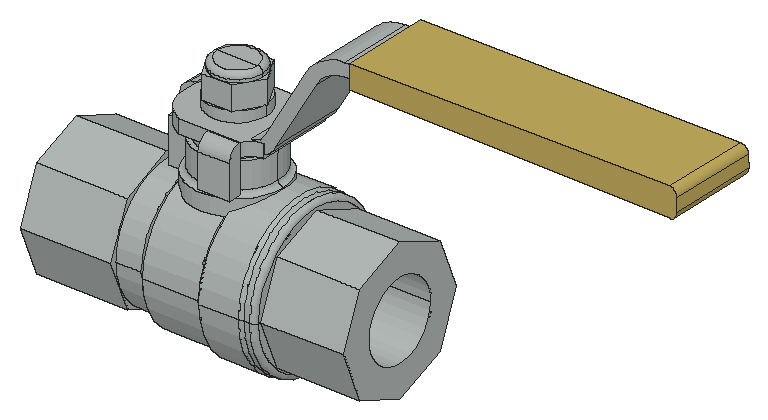
Revit family "QP00830000", category Apparecchi idraulici, Revit 2020
Family settings
  Quota connettore circolare = Usa diametro
  Tipo di parte = Normale
  Numero OmniClass = 23.45.00.00
  Titolo OmniClass = Sanitary, Laundry, and Cleaning Equipment
  Basato su piano di lavoro = No
  Sempre verticale = Sì
  Taglio con vuoti quando caricato = No
  Condiviso = No
  Punto di calcolo locali = No
Parameters
  URL = "https://web.cimberio.com/index.php/figura/141?subcategoria_id=95351"
  Temperatura di esercizio = "-20 ÷ 60°C"
  Prospetto di default = 0 mm
  Produttore = "CIMBERIO SPA"
  Pressione nominale = "MOP 5"
  Modello = "Cim 17G"
  Materiale = "Prodotto in lega di ottone conforme alla norma EN 12165-CW617N-DW"
  Descrizione = "Utilizzato nell’impiantistica distributiva di gas a bassa pressione per le categorie:\r\nGas naturali: gas derivati dal petrolio (Metano) e gas di ricambio.\r\nGas di città: prodotti secondo i diversi procedimenti (Cracking - Cokerie - ecc.).\r\nGas liquidi: propano e miscele di gas propano/butano"
  DN Model [instance] = QP00831015 : QP00831015
  DN [instance] = 15 mm
  Commenti sul tipo = "Realizzato in ottemperanza ai requisiti gestionali della norma EN ISO 9001.\r\nCollaudato al 100% secondo la normativa EN 12266-1"
Reference planes
  plane 1 "Centro (Fronte/Retro)": y = 0
  plane 2: z = 0
  plane 3 "Centro (Sinistra/Destra)": x = 0
Dimensions and locks
  aligned and locked: level to plane 2
Nested families
  nested 1: "QP00831015" at (0, 0, 0), type <- "DN Model", type "QP00831015"
  nested 2: "QP00831015" at (0, 0, 0), type <- "DN Model", type "QP00831015"
  nested 3: "QP00831015" at (0, 0, 0), type <- "DN Model", type "QP00831015"
  nested 4: "QP00831015" at (0, 0, 0), type <- "DN Model", type "QP00831015"
  nested 5: "QP00831015" at (0, 0, 0), type <- "DN Model", type "QP00831015"
  nested 6: "QP00831015" at (0, 0, 0), type <- "DN Model", type "QP00831015"
Connectors
  piping at (31.158, 0, 0), diameter 15, driven by "DN"
    settings: on nested 1, index 1, connector inside diameter 609.6 mm, connector length 0 mm, flow factor 0, pipe flow 0.0 L/s, pressure drop 0.0 Pa, fitting loss kfactor 0, connector angle 0.00°, fixture units 0, engagement length 0 mm, angle of deflection 0.00°, flow configuration 0, flow direction 0, fitting loss method 0, system type 7, joint type 0, gender type 0, connector reference index -1, connector utility 0, adjustable connector no, is connector primary yes, connector description ""
  piping at (-30.942, 0, 0), diameter 15, driven by "DN"
    settings: on nested 1, index 2, connector inside diameter 609.6 mm, connector length 0 mm, flow factor 0, pipe flow 0.0 L/s, pressure drop 0.0 Pa, fitting loss kfactor 0, connector angle 0.00°, fixture units 0, engagement length 0 mm, angle of deflection 0.00°, flow configuration 0, flow direction 0, fitting loss method 0, system type 7, joint type 0, gender type 0, connector reference index -1, connector utility 0, adjustable connector no, is connector primary no, connector description ""
Definition of nested family "QP00831015"
  Parameters (values of type "QP00831015")
    Default Elevation = 0 mm
  Reference planes
    plane 1 "Centro (Fronte/Retro)": y = 0
    plane 2: z = 0
    plane 3 "Centro (Sinistra/Destra)": x = 0
  Forms (mm)
    Revolve 1, solid
      sketch origin (0, 0, 0) x (1, 0, 0) y (0, 1, 0)
        loop
          line (-13.5, 5) -> (15.1, 5) -> (15.1, 13.75)
          arc (15.1, 13.75) -> (14.807, 14.457) -> (14.1, 14.75) r 1
          line (14.1, 14.75) -> (12.934, 14.75) -> (12.164, 15) -> (4.6, 15) -> (3.7, 14.1) -> (-6.9, 14.1) -> (-8.5, 12.5) -> (-13.5, 12.5) -> (-13.5, 5)
        axis (-13.5, 0) -> (15.1, 0)
      angle from 0 to 360
    Extrusion 2, solid
      sketch origin (-11, 0, 0) x (0, 0, 1) y (0, 1, 0)
        loop
          circle (0, 0) r 7.5
        loop
          line (13.5, 0) -> (9.546, 9.546) -> (0, 13.5) -> (-9.546, 9.546) -> (-13.5, 0) -> (-9.546, -9.546) -> (0, -13.5) -> (9.546, -9.546) -> (13.5, 0)
      from 2.5 to 19.942
    Extrusion 3, solid
      sketch origin (11, 0, 0) x (0, 0, 1) y (0, -1, 0)
        loop
          circle (0, 0) r 7.5
        loop
          line (13.5, 0) -> (9.546, 9.546) -> (0, 13.5) -> (-9.546, 9.546) -> (-13.5, 0) -> (-9.546, -9.546) -> (0, -13.5) -> (9.546, -9.546) -> (13.5, 0)
      from 4.1 to 20.158
    Revolve 4, solid
      sketch origin (0, 0, 0) x (1, 0, 0) y (0, 0, 1)
        loop
          line (0, 21) -> (0, 11.875) -> (8.804, 11.875) -> (8.804, 15.002)
          arc (8.804, 15.002) -> (8.1, 15.294) -> (7.808, 15.998) r 0.996
          line (7.808, 15.998) -> (7.808, 21) -> (0, 21)
        axis (0, 21) -> (0, 11.875)
      angle from 0 to 360
    Extrusion 5, solid
      sketch origin (0, 0, 0) x (1, 0, 0) y (0, 0, 1)
        loop
          line (-7.545, 21) -> (-11.942, 21) -> (-11.942, 11) -> (-7.545, 11) -> (-7.545, 21)
      from -1.5 to 1.5
    Revolve 6, solid
      sketch origin (0, 0, 0) x (1, 0, 0) y (0, 0, 1)
        loop
          line (-6.942, 23.8) -> (-6.942, 20.164) -> (0, 20.164) -> (0, 23.8) -> (-6.942, 23.8)
        axis (0, 23.8) -> (0, 20.164)
      angle from 0 to 360
    Extrusion 7, solid
      sketch origin (0, 0, 28.55) x (1, 0, 0) y (0, 1, 0)
        loop
          line (-9, 7.6) -> (-9, -1.5)
          arc (-9, -1.5) -> (-7.716, -5.983) -> (-4.159, -9) r 8.043
          line (-4.159, -9) -> (7.772, -9)
          arc (7.772, -9) -> (8.892, -7.528) -> (10.658, -6.977) r 3.041
          line (10.658, -6.977) -> (10.658, 7.6) -> (-9, 7.6)
      from -4.75 to -2.25
    Extrusion 8, solid
      sketch origin (0, 0, 0) x (1, 0, 0) y (0, 0, 1)
        loop
          arc (-8.942, 26.3) -> (-9.561, 26.245) -> (-10.16, 26.081) r 3.5
          arc (-10.16, 26.081) -> (-11.816, 24.798) -> (-12.442, 22.8) r 3.5
          line (-12.442, 22.8) -> (-12.442, 17.334) -> (-9.942, 17.334) -> (-9.942, 22.8)
          arc (-9.942, 22.8) -> (-9.649, 23.507) -> (-8.942, 23.8) r 1
          line (-8.942, 23.8) -> (-8.942, 26.3)
      from -7.6 to -1.5
    Extrusion 9, solid
      sketch origin (-11, 0, 0) x (0, 0, 1) y (0, 1, 0)
        loop
          line (26.3, -9) -> (23.8, -9) -> (17.334, -9) -> (17.334, -11.5) -> (23.8, -11.5)
          arc (23.8, -11.5) -> (25.568, -10.768) -> (26.3, -9) r 2.5
      from -18.658 to -12.658
    Revolve 10, solid
      sketch origin (0, 0, 0) x (1, 0, 0) y (0, 0, 1)
        loop
          line (0, 28.3) -> (0, 26.3) -> (5.558, 26.3) -> (5.558, 28.3) -> (0, 28.3)
        axis (0, 28.3) -> (0, 26.3)
      angle from 0 to 360
    Extrusion 11, solid
      sketch origin (0, 0, 28.55) x (1, 0, 0) y (0, 1, 0)
        loop
          line (5.772, 0) -> (2.886, 4.999) -> (-2.886, 4.999) -> (-5.772, 0) -> (-2.886, -4.999) -> (2.886, -4.999) -> (5.772, 0)
      from -0.25 to 4.25
    Revolve 12, solid
      sketch origin (0, 0, 0) x (1, 0, 0) y (0, 0, 1)
        loop
          line (0, 34.3) -> (0, 32.29) -> (4.808, 32.29) -> (4.808, 33.301)
          arc (4.808, 33.301) -> (4.515, 34.007) -> (3.809, 34.3) r 0.999
          line (3.809, 34.3) -> (0, 34.3)
        axis (0, 34.3) -> (0, 32.29)
      angle from 0 to 360
    Extrusion 13, solid
      sketch origin (0, 0, 0) x (1, 0, 0) y (0, 0, 1)
        loop
          arc (11.068, 28.05) -> (9.787, 26.769) -> (8.037, 26.3) r 3.5
          line (8.037, 26.3) -> (8.037, 23.8)
          arc (8.037, 23.8) -> (9.382, 23.953) -> (10.658, 24.403) r 6
          arc (10.658, 24.403) -> (12.125, 25.408) -> (13.233, 26.8) r 6
          line (13.233, 26.8) -> (21.028, 40.3)
          arc (21.028, 40.3) -> (23.225, 42.497) -> (26.227, 43.3) r 6
          line (26.227, 43.3) -> (28.09, 43.3) -> (28.09, 45.8) -> (26.224, 45.8)
          arc (26.224, 45.8) -> (21.974, 44.661) -> (18.863, 41.55) r 8.5
          line (18.863, 41.55) -> (11.068, 28.05)
      from -7.6 to 7
    Extrusion 14, solid
      sketch origin (0, 0, 0) x (1, 0, 0) y (0, 0, 1)
        loop
          line (28.09, 42.3) -> (89.578, 41.812)
          arc (89.578, 41.812) -> (90.646, 42.247) -> (91.09, 43.312) r 1.5
          line (91.09, 43.312) -> (91.09, 45.788)
          arc (91.09, 45.788) -> (90.646, 46.853) -> (89.578, 47.288) r 1.5
          line (89.578, 47.288) -> (28.09, 46.8) -> (28.09, 42.3)
      from -8.814 to 8.248
  Dimensions and locks
    aligned and locked: level to plane 2
